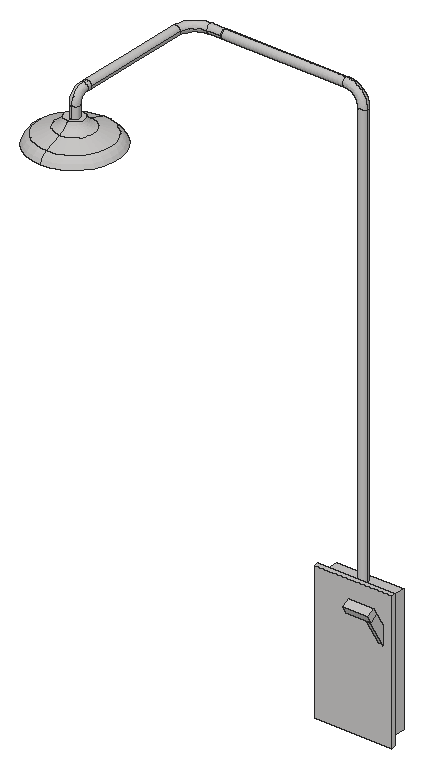
Revit family
Parameters (values of type "Emergency Drench Shower")
  URL = ""
  Subcategory = "Fixtures"  # constant formula
  Stainless Steel = Stainless Steel Satin
  SmartBIM Object Version = 3  # constant formula
  SmartBIM Object Created By = "Reed Construction Data"  # constant formula
  Model = ""
  Manufacturer = ""
  Description = ""
  Ceiling Height [instance] = 8' - 0"
  Assembly Code = "D2010710"
  95 CSI = "15410"  # constant formula
  04 CSI = "22 40 00"  # constant formula
Reference planes (in)
  plane 1 "Center (Front/Back)": y = 0
  plane 2: z = 0
  plane 3 "Center (Left/Right)": x = 0
  plane 4 "Ceiling Height": z = 96
  plane 5 "Pipe Center Plane": z = 101.37776
Forms (in)
  Extrusion 1, solid, material "Stainless Steel Satin" <- "Stainless Steel"
    sketch origin (0, 0, 0) x (1, 0, 0) y (0, 0, 1)
      loop
        line (15.63292, 50.5) -> (15.63292, 34.5) -> (24.63292, 34.5) -> (24.63292, 50.5) -> (15.63292, 50.5)
    from 0 to 0.5
  Extrusion 2, solid, material "Stainless Steel Satin" <- "Stainless Steel"
    sketch origin (0, 0, 0) x (1, 0, 0) y (0, 0, 1)
      loop
        line (16.25792, 49.875) -> (16.25792, 35.125) -> (24.00792, 35.125) -> (24.00792, 49.875) -> (16.25792, 49.875)
    from 0 to -2
  Sweep 3, solid, material "Stainless Steel Satin" <- "Stainless Steel"
    path origin (0, 0, 0) x (1, 0, 0) y (0, 0, 1)
      loop
        line (20.13292, 49.875) -> (20.13292, 99.37776)
        arc (20.13292, 99.37776) -> (19.54713, 100.79197) -> (18.13292, 101.37776) r 2
        line (18.13292, 101.37776) -> (3.88292, 101.37776)
    profile origin (20.13292, 0, 74.62638) x (-1, 0, 0) y (0, -1, 0)
      loop
        circle (0, -1) r 0.5
  Sweep 4, solid, material "Stainless Steel Satin" <- "Stainless Steel"
    path origin (0, 0, 101.37776) x (0, -1, 0) y (1, 0, 0)
      loop
        line (-1, 3.88292) -> (-1, 2.25)
        arc (-1, 2.25) -> (-0.34099, 0.65901) -> (1.25, 0) r 2.25
        line (1.25, 0) -> (14.25, 0)
    profile origin (3.06646, 1, 101.37776) x (0, -1, 0) y (0, 0, 1)
      loop
        circle (0, -0.00724) r 0.5
  Sweep 5, solid, material "Stainless Steel Satin" <- "Stainless Steel"
    path origin (0, 0, 0) x (0, 1, 0) y (0, 0, 1)
      loop
        line (-14.25, 101.37052) -> (-14.75, 101.37052)
        arc (-14.75, 101.37052) -> (-15.63388, 101.0044) -> (-16, 100.12052) r 1.25
        line (-16, 100.12052) -> (-16, 98.82789)
    profile origin (0, -14.5, 101.37052) x (0, 0, -1) y (1, 0, 0)
      loop
        circle (0, 0) r 0.5
  Revolve 6, solid, material "Stainless Steel Satin" <- "Stainless Steel"
    sketch origin (0, -16, 0) x (0, 1, 0) y (0, 0, 1)
      loop
        line (-5, 96) -> (0, 96) -> (0, 98.82789) -> (-1.10027, 98.82789)
        arc (-1.10027, 98.82789) -> (-1.51303, 98.17999) -> (-2.16093, 97.76723) r 1.77465
        line (-2.16093, 97.76723) -> (-4.15734, 97.04059)
        arc (-4.15734, 97.04059) -> (-4.65917, 96.58548) -> (-5, 96) r 2.21543
      axis (0, 96) -> (0, 98.82789)
    angle from 0 to 360
  Extrusion 7, solid, material "Stainless Steel Satin" <- "Stainless Steel"
    sketch origin (0, 0, 0) x (1, 0, 0) y (0, 1, 0)
      loop
        circle (20.13292, 1) r 0.5
    from 34.5 to 35.12776
  Extrusion 8, solid, material "Stainless Steel Satin" <- "Stainless Steel"
    sketch origin (0, 0, 0) x (0, 1, 0) y (0, 0, 1)
      loop
        line (0.81699, 42.75) -> (1.68301, 43.25) -> (-1.31699, 48.44615) -> (-2.18301, 47.94615) -> (0.81699, 42.75)
    from 23.12575 to 23.5773
  Extrusion 9, solid, material "Stainless Steel Satin" <- "Stainless Steel"
    sketch origin (0, 0, 0) x (0, 1, 0) y (0, 0, 1)
      loop
        line (-1.30982, 48.46575) -> (-1.81544, 49.34152) -> (-2.68147, 48.84152) -> (-2.17585, 47.96575) -> (-1.30982, 48.46575)
    from 20.61885 to 23.5773
Lines and regions (in)
  symbolic lines
    curve 1: circle (0, -16, 101.37776) r 5 normal (0, 0, -1)
    curve 2: circle (0, -16, 101.37776) r 4.15734 normal (0, 0, -1)
    curve 3: circle (0, -16, 101.37776) r 1.10027 normal (0, 0, -1)
    curve 4: arc (-0.5, -16, 101.37776) -> (0, -16.5, 101.37776) -> (0.5, -16, 101.37776) r 0.5
    curve 5: line (-0.5, -16, 101.37776) -> (-0.5, -1, 101.37776)
    curve 6: line (23.12575, -0.5, 101.37776) -> (23.12575, -1.75, 101.37776)
    curve 7: line (23.12575, -1.75, 101.37776) -> (20.62575, -1.75, 101.37776)
    curve 8: line (20.62575, -1.75, 101.37776) -> (20.62575, -2.25, 101.37776)
    curve 9: line (20.62575, -2.25, 101.37776) -> (23.62575, -2.25, 101.37776)
    curve 10: line (23.62575, -2.25, 101.37776) -> (23.62575, -0.5, 101.37776)
    curve 11: line (23.62575, -0.5, 101.37776) -> (23.12575, -0.5, 101.37776)
    curve 12: arc (20.13292, 1.5, 101.37776) -> (20.63292, 1, 101.37776) -> (20.13292, 0.5, 101.37776) r 0.5
Dimensions and locks (in)
  "Ceiling Height": plane 4 "Ceiling Height" to level
  locked: plane 5 "Pipe Center Plane" to plane 4 "Ceiling Height" at 5.37776
  locked: plane 4 "Ceiling Height" to Sweep 4 sketch curve at 5.37776
  locked: Sweep 4 sketch curve to plane 4 "Ceiling Height" at 5.37776
  aligned and locked: plane 1 "Center (Front/Back)" to Extrusion 2
  aligned and locked: Extrusion 1 to plane 1 "Center (Front/Back)"
  aligned and locked: Sweep 3 sketch curve to plane 5 "Pipe Center Plane"
  aligned and locked: Sweep 3 sketch curve to Extrusion 2
Automatic sketch dimensions
  plane 3 "Center (Left/Right)" to Extrusion 1 sketch curve = 1' - 3.63292"
  Extrusion 1 sketch curve to Extrusion 1 sketch curve = 0' - 9"
  level to Extrusion 1 sketch curve = 2' - 10 1/2"
  Extrusion 1 sketch curve to Extrusion 1 sketch curve = 1' - 4"
  plane 3 "Center (Left/Right)" to Extrusion 2 sketch curve = 1' - 4.25792"
  Extrusion 2 sketch curve to Extrusion 2 sketch curve = 0' - 7 3/4"
  level to Extrusion 2 sketch curve = 2' - 11 1/8"
  Extrusion 2 sketch curve to Extrusion 2 sketch curve = 1' - 2 3/4"
  Sweep 3 sketch curve to profile plane = 0' - 0"
  Sweep 3 sketch curve to plane 1 "Center (Front/Back)" = 0' - 1"
  Sweep 4 sketch curve to profile plane = 0' - 0"
  level to Sweep 4 sketch curve = 8' - 5.37052"
  plane 4 "Ceiling Height" to Sweep 5 sketch curve = 0' - 4.12052"
  plane 1 "Center (Front/Back)" to Sweep 5 sketch curve = 1' - 4"
  Sweep 5 sketch curve to Sweep 5 sketch curve = 0' - 1 1/4"
  Sweep 5 sketch curve to Sweep 5 sketch curve = 0' - 0 1/2"
  Sweep 5 sketch curve to Sweep 5 sketch curve = 0' - 1.29263"
  Sweep 5 sketch curve to plane 3 "Center (Left/Right)" = 0' - 0"
  Sweep 5 sketch curve to profile plane = 0' - 0"
  Revolve 6 sketch curve to plane 4 "Ceiling Height" = 0' - 0"
  plane 1 "Center (Front/Back)" to Revolve 6 sketch curve = 1' - 9"
  plane 4 "Ceiling Height" to Revolve 6 sketch curve = 0' - 1.04059"
  Revolve 6 sketch curve to Revolve 6 sketch curve = 0' - 0.84266"
  Revolve 6 sketch curve to plane 4 "Ceiling Height" = 0' - 0.80873"
  Revolve 6 sketch curve to Revolve 6 sketch curve = 0' - 1.38945"
  plane 4 "Ceiling Height" to Revolve 6 sketch curve = 0' - 1.76723"
  Revolve 6 sketch curve to Revolve 6 sketch curve = 0' - 0.60697"
  Revolve 6 sketch curve to Revolve 6 sketch curve = 0' - 1.06066"  (x2)
  Revolve 6 sketch curve to Revolve 6 sketch curve = 0' - 2.7679"
  Revolve 6 sketch curve to Revolve 6 sketch curve = 0' - 0"
  Revolve 6 sketch curve to plane 4 "Ceiling Height" = 0' - 1 1/4"
  Revolve 6 sketch curve to Revolve 6 sketch curve = 0' - 6.06514"
  Extrusion 7 sketch curve to plane 1 "Center (Front/Back)" = 0' - 1"
  plane 3 "Center (Left/Right)" to Extrusion 7 sketch curve = 1' - 8.13292"
  Sweep 4 sketch curve to plane 3 "Center (Left/Right)" = 0' - 0"
  Sweep 4 sketch curve to plane 1 "Center (Front/Back)" = 0' - 1"
  plane 1 "Center (Front/Back)" to Sweep 4 sketch curve = 0' - 1 1/4"
  Sweep 4 sketch curve to Sweep 4 sketch curve = 1' - 1"
  Sweep 4 sketch curve to Sweep 4 sketch curve = 0' - 1.63292"
  plane 3 "Center (Left/Right)" to Sweep 3 sketch curve = 0' - 3.88292"
  Sweep 3 sketch curve to Sweep 3 sketch curve = 1' - 2 1/4"
  plane 5 "Pipe Center Plane" to Sweep 3 sketch curve = 0' - 2"
  Extrusion 8 sketch curve to plane 1 "Center (Front/Back)" = 0' - 0.81699"
  level to Extrusion 8 sketch curve = 3' - 6 3/4"
  Extrusion 8 sketch curve to Extrusion 8 sketch curve = 0' - 0 1/2"
  plane 1 "Center (Front/Back)" to Extrusion 8 sketch curve = 0' - 1.31699"
  Extrusion 8 sketch curve to Extrusion 8 sketch curve = 0' - 0.86603"
  plane 1 "Center (Front/Back)" to Extrusion 9 sketch curve = 0' - 2.68147"
  Extrusion 9 sketch curve to Extrusion 9 sketch curve = 0' - 0.50562"
  Extrusion 9 sketch curve to Extrusion 9 sketch curve = 0' - 0.86603"
  level to Extrusion 9 sketch curve = 3' - 11.96575"
  Extrusion 9 sketch curve to Extrusion 9 sketch curve = 0' - 0 1/2"
  curve 1 to curve 2 = 0' - 0"  (x2)
  curve 1 to curve 3 = 0' - 0"  (x2)
  curve 1 to curve 4 = 0' - 0"  (x2)
  curve 2 to curve 3 = 0' - 0"  (x2)
  curve 2 to curve 4 = 0' - 0"  (x2)
  curve 3 to curve 4 = 0' - 0"  (x2)
  curve 4 to plane 3 "Center (Left/Right)" = 0' - 0"
  plane 1 "Center (Front/Back)" to curve 11 = 0' - 0 1/2"
  curve 12 to plane 1 "Center (Front/Back)" = 0' - 1 1/2"
  curve 12 to curve 12 = 0' - 0 1/2"
  plane 1 "Center (Front/Back)" to curve 5 = 0' - 1"
  plane 1 "Center (Front/Back)" to curve 8 = 0' - 1 3/4"
  curve 7 to curve 8 = 0' - 0 1/2"
  curve 5 to plane 3 "Center (Left/Right)" = 0' - 0 1/2"
  curve 5 to curve 5 = 1' - 3"
  plane 3 "Center (Left/Right)" to curve 12 = 1' - 8.13292"
  curve 12 to curve 8 = 0' - 0.49283"
  curve 12 to curve 6 = 0' - 2.99283"
  curve 6 to curve 10 = 0' - 0 1/2"
  radius of Sweep 3 sketch curve = 0' - 0 1/2"
  radius of Sweep 4 sketch curve = 0' - 0 1/2"
  radius of Sweep 5 sketch curve = 0' - 0 1/2"
  radius of Extrusion 7 sketch curve = 0' - 0 1/2"
  radius of curve 1 = 0' - 5"
  radius of curve 2 = 0' - 4.15734"
  radius of curve 3 = 0' - 1.10027"
Connectors (in)
  piping at (20.13292, 1, 34.5)
    settings: on Extrusion 7, index 1
